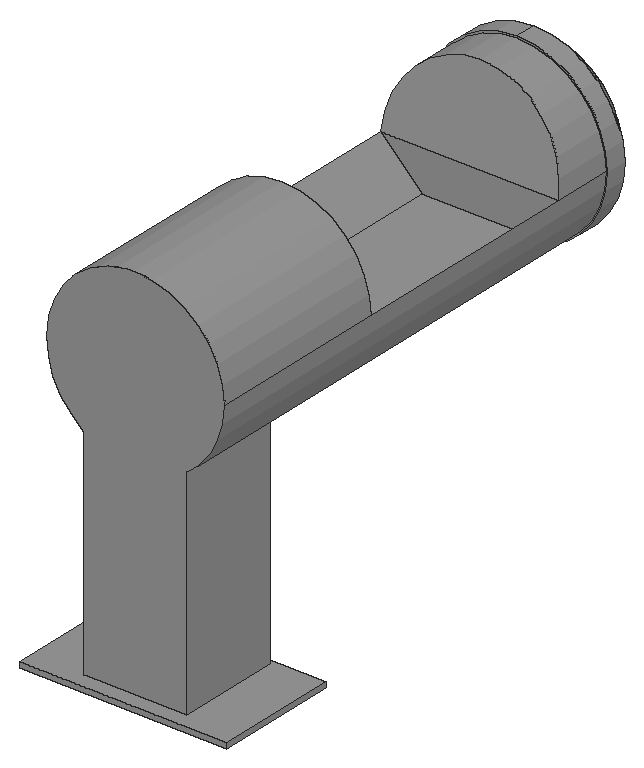
Revit family "Bottle_Filler-Willoughby-CWBF-1WM", category Plumbing Fixtures, host Face, Revit 2014
Parameters (values of type "Standard")
  Waste DIA = 1 1/4"
  Waste Connection = yes
  Vent Connection = no
  URL = "www.willoughby-ind.com"
  Revision = "A"
  Model = "CWBF-1WM"
  Manufacturer = "Willoughby Indistries"
  HW Connection = no
  Fixture Body = Stainless Steel AISI 304-Willoughby
  Description = "wall Mounted Bottle Filler"
  Default Elevation = 0' - 0"
  Contact = "800-428-4065"
  CW inlet Diameter = 1/4"
  CW Connection = yes
Reference planes (in)
  plane 1 "Center (Front/Back)": y = 0
  plane 2: z = 0
  plane 3 "Center (Left/Right)": x = 0
  plane 4 "Bottom Of Unit": y = 28
  plane 5 "Top Of Unit": y = 54.25
  plane 6: x = -5
  plane 7: x = 5
  plane 8: y = 54.25
  plane 9 "Back Collumn": z = 10
  plane 10 "opening base": y = 36.875
  plane 11: y = 30
  plane 12: y = 31.5
  plane 13: z = 14.31172
  plane 14: z = 18.7075
  plane 15: y = 52.133
Forms (in)
  Extrusion 1, solid, material "Stainless Steel AISI 304-Willoughby" <- "Fixture Body"
    sketch origin (0, 0, 0) x (1, 0, 0) y (0, 1, 0)
      loop
        line (-5, 27.25) -> (5, 27.25) -> (5, 33.25) -> (-5, 33.25) -> (-5, 27.25)
    from 0 to 0.25
  Extrusion 2, solid, material "Stainless Steel AISI 304-Willoughby" <- "Fixture Body"
    sketch origin (0, 0, 0) x (1, 0, 0) y (0, 1, 0)
      loop
        line (-2.5, 28) -> (2.5, 28) -> (2.5, 33) -> (-2.5, 33) -> (-2.5, 28)
    from 0.25 to 11.25
  Extrusion 3, solid, material "Stainless Steel AISI 304-Willoughby" <- "Fixture Body"
    sketch origin (0, 28, -2.67185) x (-1, 0, 0) y (0, 0, 1)
      loop
        circle (0, 16.98435) r 4.3125
    from 0 to 23.125
  Revolve 4, solid, material "Stainless Steel AISI 304-Willoughby" <- "Fixture Body"
    sketch origin (0, 0.02344, 14.3125) x (0, 0, -1) y (0, 1, 0)
      loop
        line (0, 51.10156) -> (0, 54.22656)
        arc (0, 54.22656) -> (-2.43915, 53.66973) -> (-4.395, 52.10956) r 5.62062
        line (-4.395, 52.10956) -> (-4.395, 51.10156) -> (0, 51.10156)
      axis (0, 54.22656) -> (0, 51.10156)
    angle from 0 to 360
  Extrusion 5, void
    sketch origin (0, 36.875, 0) x (-1, 0, 0) y (0, 0, 1)
      loop
        line (-2.3125, 12.3125) -> (2.3125, 12.3125) -> (4.3125, 14.3125)
        arc (4.3125, 14.3125) -> (0, 18.625) -> (-4.3125, 14.3125) r 4.3125
        line (-4.3125, 14.3125) -> (-2.3125, 12.3125)
    from 0 to 11.375
  Extrusion 6, void
    sketch origin (0, 0, 0) x (0, 1, 0) y (0, 0, 1)
      loop
        line (48.25, 18.625) -> (48.25, 14.3125) -> (49, 18.625) -> (48.25, 18.625)
    from 5 to -5
  Revolve 7, solid
    sketch origin (0, 0, 0) x (0, 1, 0) y (0, 0, 1)
      loop
        line (30, 0) -> (30, 3) -> (29.375, 3) -> (29.375, 0) -> (30, 0)
      axis (30, 0) -> (30, 3)
    angle from 0 to 360
  Revolve 8, solid
    sketch origin (0, 0, 0) x (0, 1, 0) y (0, 0, 1)
      loop
        line (31.5, 0) -> (31.5, 3) -> (31.375, 3) -> (31.375, 0) -> (31.5, 0)
      axis (31.5, 3) -> (31.5, 0)
    angle from 0 to 360
Cuts and joins
  Extrusion 5, Extrusion 6 cuts Extrusion 3
  joined: Extrusion 1, Extrusion 2, Extrusion 3, Revolve 4
Lines and regions (in)
  symbolic lines
    curve 1: line (4.3125, 28, 0) -> (-4.3125, 28, 0)
    curve 2: line (-4.3125, 28, 0) -> (-4.3125, 51.125, 0)
    curve 3: line (-4.3125, 51.125, 0) -> (4.3125, 51.125, 0)
    curve 4: line (4.3125, 51.125, 0) -> (4.3125, 28, 0)
    curve 5: line (-4.3125, 51.125, 0) -> (-4.395, 51.125, 0)
    curve 6: line (-4.395, 51.125, 0) -> (-4.395, 52.133, 0)
    curve 7: line (-4.395, 52.133, 0) -> (4.395, 52.133, 0)
    curve 8: line (4.395, 52.133, 0) -> (4.395, 51.125, 0)
    curve 9: line (4.395, 51.125, 0) -> (4.3125, 51.125, 0)
    curve 10: arc (-4.395, 52.133, 0) -> (0, 54.25, 0) -> (4.395, 52.133, 0) r 5.62062
    curve 16: line (-5, 33.25, 0) -> (-4.3125, 33.25, 0)
    curve 17: line (-5, 33.25, 0) -> (-5, 27.25, 0)
    curve 18: line (-5, 27.25, 0) -> (5, 27.25, 0)
    curve 19: line (5, 27.25, 0) -> (5, 33.25, 0)
    curve 20: line (5, 33.25, 0) -> (4.3125, 33.25, 0)
    curve 21: line (-5, 28, 0) -> (5, 28, 0)
    curve 22: line (5, 28, 0) -> (5, 28, 0.25)
    curve 23: line (5, 28, 0.25) -> (-5, 28, 0.25)
    curve 24: line (-5, 28, 0.25) -> (-5, 28, 0)
    curve 25: line (-2.5, 28, 0.25) -> (-2.5, 28, 10.6978)
    curve 26: line (2.5, 28, 0.25) -> (2.5, 28, 10.6978)
    curve 27: circle (0, 28, 14.3125) r 4.395 normal (0, 1, 0)
    curve 32: line (0, 28, 0.25) -> (0, 28, 18.625)
    curve 33: line (0, 28, 18.625) -> (0, 36.875, 18.625)
    curve 34: line (0, 36.875, 18.625) -> (0, 36.875, 14.3125)
    curve 35: line (0, 36.875, 14.3125) -> (0, 48.25, 14.3125)
    curve 36: line (0, 48.25, 14.3125) -> (0, 49, 18.625)
    curve 37: line (0, 49, 18.625) -> (0, 51.125, 18.625)
    curve 39: line (0, 51.125, 10) -> (0, 33, 10)
    curve 40: line (0, 33, 10) -> (0, 33, 10.83614)
    curve 41: line (0, 33, 10.83614) -> (0, 28, 10.83614)
    curve 42: line (0, 51.125, 10) -> (0, 51.125, 9.9175)
    curve 43: line (0, 51.125, 9.9175) -> (0, 52.133, 9.9175)
    curve 45: line (0, 52.133, 18.7075) -> (0, 51.125, 18.7075)
    curve 46: line (0, 51.125, 18.7075) -> (0, 51.125, 18.625)
    curve 47: arc (0, 52.133, 18.7075) -> (0, 54.25, 14.3125) -> (0, 52.133, 9.9175) r 5.62062
    curve 48: line (0, 33, 10) -> (0, 33, 0.25)
  symbolic lines, detail levels medium+fine
    curve 11: line (-4.3125, 48.24984, 0) -> (4.3125, 48.24984, 0)
    curve 12: spline (-4.3125, 48.24984, 0) -> (-4.16556, 48.44395, 0) -> (-3.73473, 48.62484, 0) -> (-3.0494, 48.78017, 0) -> (-2.15625, 48.89936, 0) -> (-1.11616, 48.97428, 0) -> (0, 48.99984, 0) -> (1.11616, 48.97428, 0) -> (2.15625, 48.89936, 0) -> (3.0494, 48.78017, 0) -> (3.73473, 48.62484, 0) -> (4.16556, 48.44395, 0) -> (4.3125, 48.24984, 0)
    curve 13: line (-2.3125, 48.24984, 0) -> (-2.3125, 36.875, 0)
    curve 14: line (2.3125, 48.24984, 0) -> (2.3125, 36.875, 0)
    curve 15: line (-4.3125, 36.875, 0) -> (4.3125, 36.875, 0)
    curve 38: line (0, 51.125, 18.625) -> (0, 51.125, 10)
    curve 44: line (0, 52.133, 9.9175) -> (0, 52.133, 18.7075)
  symbolic lines, detail levels fine
    curve 28: line (0, 27.25, 0) -> (0, 33.25, 0)
    curve 29: line (0, 33.25, 0) -> (0, 33.25, 0.25)
    curve 30: line (0, 33.25, 0.25) -> (0, 27.25, 0.25)
    curve 31: line (0, 27.25, 0.25) -> (0, 27.25, 0)
Dimensions and locks (in)
  equal spacing: plane 6, plane 3 "Center (Left/Right)", plane 7
  aligned and locked: plane 2 to host face
  aligned and locked: level to host face
  aligned and locked: plane 6 to Extrusion 1
  aligned and locked: Extrusion 1 to plane 7
  aligned and locked: Extrusion 2 to plane 4 "Bottom Of Unit"
  aligned and locked: Revolve 7 sketch curve to Revolve 7 sketch curve  (x2)
  aligned and locked: Extrusion 2 to cut or joined group of Extrusion 1, Extrusion 2, Extrusion 3, Revolve 4, Extrusion 5, Extrusion 6
  aligned and locked: Extrusion 2 to Extrusion 1
  aligned and locked: Extrusion 3 to plane 4 "Bottom Of Unit"
Automatic sketch dimensions
  host sketch curve to host sketch curve = 2' - 9.93249"
  host sketch curve to host sketch curve = 4' - 3.44968"
  Extrusion 1 sketch curve to plane 6 = 0' - 0"
  Extrusion 1 sketch curve to plane 7 = 0' - 0"
  Extrusion 1 sketch curve to plane 4 "Bottom Of Unit" = 0' - 0 3/4"
  plane 4 "Bottom Of Unit" to Extrusion 1 sketch curve = 0' - 5 1/4"
  Extrusion 2 sketch curve to plane 4 "Bottom Of Unit" = 0' - 0"
  Extrusion 2 sketch curve to plane 3 "Center (Left/Right)" = 0' - 2 1/2"
  plane 3 "Center (Left/Right)" to Extrusion 2 sketch curve = 0' - 2 1/2"
  Extrusion 2 sketch curve to Extrusion 2 sketch curve = 0' - 5"
  Extrusion 3 sketch curve to plane 3 "Center (Left/Right)" = 0' - 0"
  plane 9 "Back Collumn" to Extrusion 3 sketch curve = 0' - 4 5/16"
  Revolve 4 sketch curve to plane 5 "Top Of Unit" = 0' - 3 1/8"
  plane 9 "Back Collumn" to Revolve 4 sketch curve = 0' - 8.7075"
  Revolve 4 sketch curve to Revolve 4 sketch curve = 0' - 4.395"
  Revolve 4 sketch curve to plane 5 "Top Of Unit" = 0' - 5.62062"
  Revolve 4 sketch curve to Revolve 4 sketch curve = 0' - 1.008"
  Revolve 4 sketch curve to Revolve 4 sketch curve = 0' - 0"  (x3)
  Extrusion 5 sketch curve to plane 3 "Center (Left/Right)" = 0' - 0"
  plane 3 "Center (Left/Right)" to Extrusion 5 sketch curve = 0' - 2 5/16"
  plane 7 to Extrusion 5 sketch curve = 0' - 0 11/16"
  Extrusion 5 sketch curve to plane 3 "Center (Left/Right)" = 0' - 2 5/16"
  plane 9 "Back Collumn" to Extrusion 5 sketch curve = 0' - 2 5/16"
  Extrusion 5 sketch curve to Extrusion 5 sketch curve = 0' - 2"
  Extrusion 6 sketch curve to plane 5 "Top Of Unit" = 0' - 6"
  plane 9 "Back Collumn" to Extrusion 6 sketch curve = 0' - 8 5/8"
  Extrusion 6 sketch curve to Extrusion 6 sketch curve = 0' - 0 3/4"
  plane 9 "Back Collumn" to Extrusion 6 sketch curve = 0' - 4 5/16"
  Revolve 7 sketch curve to level = 0' - 0"
  Revolve 7 sketch curve to plane 11 = 0' - 0"
  Revolve 7 sketch curve to Revolve 7 sketch curve = 0' - 0 5/8"
  level to Revolve 7 sketch curve = 0' - 3"
  Revolve 7 sketch curve to Revolve 7 sketch curve = 0' - 0"
  Revolve 8 sketch curve to level = 0' - 0"  (x2)
  Revolve 8 sketch curve to plane 12 = 0' - 0"  (x2)
  Revolve 8 sketch curve to Revolve 8 sketch curve = 0' - 0 1/8"
  level to Revolve 8 sketch curve = 0' - 3"
  Revolve 8 sketch curve to Revolve 8 sketch curve = 0' - 0"
  curve 17 to plane 6 = 0' - 0"
  curve 2 to plane 4 "Bottom Of Unit" = 0' - 0"
  curve 15 to plane 10 "opening base" = 0' - 0"
  curve 10 to plane 3 "Center (Left/Right)" = 0' - 0"
  curve 12 to plane 3 "Center (Left/Right)" = 0' - 0"
  curve 20 to plane 7 = 0' - 0"
  curve 6 to plane 6 = 0' - 0.605"
  curve 5 to curve 5 = 0' - 0.0825"
  curve 17 to plane 4 "Bottom Of Unit" = 0' - 0 3/4"
  plane 12 to curve 17 = 0' - 1 3/4"
  curve 11 to plane 5 "Top Of Unit" = 0' - 6.00016"
  curve 12 to curve 10 = 0' - 0.37954"
  curve 12 to curve 4 = 0' - 2.87516"
  curve 5 to curve 7 = 0' - 1.008"
  curve 11 to curve 13 = 0' - 2"
  curve 14 to curve 11 = 0' - 2"
  plane 12 to curve 20 = 0' - 1 3/4"
  curve 21 to level = 0' - 0"
  plane 7 to curve 21 = 0' - 0"
  curve 27 to plane 3 "Center (Left/Right)" = 0' - 0"
  plane 6 to curve 23 = 0' - 0"
  level to curve 23 = 0' - 0 1/4"
  plane 9 "Back Collumn" to curve 27 = 0' - 4 5/16"
  plane 3 "Center (Left/Right)" to curve 26 = 0' - 2 1/2"
  plane 9 "Back Collumn" to curve 26 = 0' - 0.6978"
  plane 9 "Back Collumn" to curve 25 = 0' - 0.6978"
  curve 28 to level = 0' - 0"
  curve 32 to plane 4 "Bottom Of Unit" = 0' - 0"
  curve 40 to plane 9 "Back Collumn" = 0' - 0"
  curve 35 to plane 10 "opening base" = 0' - 0"
  curve 30 to plane 4 "Bottom Of Unit" = 0' - 0 3/4"
  plane 12 to curve 41 = 0' - 1 1/2"
  plane 12 to curve 28 = 0' - 1 3/4"
  curve 35 to plane 5 "Top Of Unit" = 0' - 6"
  curve 35 to curve 47 = 0' - 0.37938"
  curve 47 to curve 36 = 0' - 0.37062"
  curve 42 to plane 5 "Top Of Unit" = 0' - 3 1/8"
  curve 44 to plane 9 "Back Collumn" = 0' - 0.0825"
  curve 42 to curve 44 = 0' - 1.008"
  plane 9 "Back Collumn" to curve 41 = 0' - 0.83614"
  plane 9 "Back Collumn" to curve 35 = 0' - 4 5/16"
  curve 35 to curve 47 = 0' - 0"
  curve 37 to curve 45 = 0' - 0.0825"
  curve 41 to curve 33 = 0' - 7.78886"
  level to curve 48 = 0' - 0 1/4"
  radius of Extrusion 3 sketch curve = 0' - 4 5/16"
Connectors (in)
  piping at (0, 30, 0), diameter 1.25, driven by "Waste DIA", driven by "Waste Connection"
    settings: on Revolve 7, index 1, connector inside diameter 24", connector length 0' - 0", flow factor 0, pipe flow 0 GPM, pressure drop 0.00 psi, fitting loss kfactor 0, connector angle 0.00°, fixture units 0, engagement length 0' - 0", angle of deflection 0.00°, flow configuration 0, flow direction 2, fitting loss method 0, system type 16, joint type 0, gender type 0, connector reference index -1, connector utility 1, adjustable connector no, is connector primary yes, connector description "Filler Drain"
  piping at (0, 31.5, 0), diameter 0.25, driven by "CW inlet Diameter", driven by "CW Connection"
    settings: on Revolve 8, index 2, connector inside diameter 24", connector length 0' - 0", flow factor 0, pipe flow 0 GPM, pressure drop 0.00 psi, fitting loss kfactor 0, connector angle 0.00°, fixture units 0, engagement length 0' - 0", angle of deflection 0.00°, flow configuration 0, flow direction 1, fitting loss method 0, system type 20, joint type 0, gender type 0, connector reference index -1, connector utility 1, adjustable connector no, is connector primary no, connector description "CW Filler Inlet"
